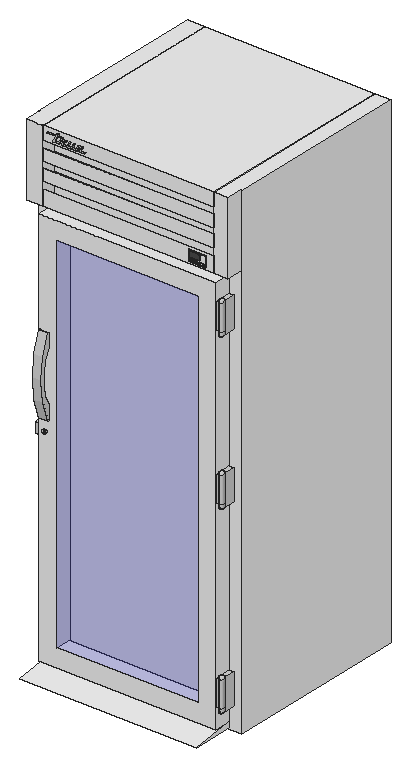
Revit family
Parameters
  Weight in Pounds = 0
  Watts = Volts * FL Amps  # 1023.5 W
  Volts = 115 V
  URL Cutsheet = "www.truemfg.com"
  URL = "www.truemfg.com"
  Type Mark [instance] = ""
  Type Comments = ""
  Status [instance] = ""
  Specification by User [instance] = ""
  Specification by Manufacturer = ""
  Show Logo [instance] = yes
  Show Clearance [instance] = yes
  Serial Number = ""
  Seismic Rating = ""
  SMACNA No = ""
  Revision Code [instance] = ""
  Phase = 1
  Omniclass Number and Title = ""
  Number of Poles [instance] = 1
  NAFEM Spec ID Number = ""
  Model = "STA1RRI-1G"
  Min Ckt Ampacity = 0 A
  Max Overcurrent Protection = 0 A
  Masterspec = ""
  Manufacturer = "TRUE FOOD SERVICE EQUIPMENT, INC."
  Length = 35"
  Item Number [instance] = ""
  Installed By [instance] = ""
  Identify Quantity as Lot [instance] = yes
  Height = 83 3/4"
  HP = "1/3"
  Furnished By [instance] = ""
  Foodservice Equipment Identifier [instance] = yes
  FL Amps = 8.9 A
  Electrical Remarks [instance] = ""
  Electric Connection Type [instance] = ""
  Elec Conn RI Height [instance] = 0"
  Elec Conn Connection Height [instance] = 0"
  Description = "Roll-in Glass Swing Door Refrigerator"
  Depth = 34 3/4"
  Cycle = 60 Hz
  Conn Plug = "5-15P"
  Conn Conduit = yes
  CSI MasterFormat = ""
  CSI Master Format = ""
  Apparent Power = if(Phase = 3, Volts * FL Amps * 1.73, Volts * FL Amps)  # 1023.5 VA
Reference planes (in)
  plane 1 "BACK": y = 0
  plane 2: z = 0
  plane 3 "LEFT": x = 0
  plane 4 "RIGHT": x = 35
  plane 5 "FRONT": y = -34.75
  plane 6 "TOP": z = 83.75
  plane 7: x = 2.84375
  plane 8: y = -34.7042
  plane 9: x = 32.15625
  plane 10: z = 69.90625
Forms (in)
  Extrusion 1, solid, material "QF_Finishes_Chrome - Satin"
    sketch origin (0.05, 0, 0) x (1, 0, 0) y (0, 1, 0)
      loop
        line (-0.05, 0) -> (-0.05, -32) -> (2.87859, -32) -> (2.87859, 0) -> (-0.05, 0)
    from 0 to 83.75
  Extrusion 2, solid, material "QF_Finishes_Chrome - Satin"
    sketch origin (50.15, 0, 0) x (1, 0, 0) y (0, 1, 0)
      loop
        line (-17.85, 0) -> (-17.85, -32) -> (-15.15, -32) -> (-15.15, 0) -> (-17.85, 0)
    from 0 to 83.75
  Extrusion 3, solid, material "QF_Finishes_Chrome - Satin"
    sketch origin (0, 0, 0) x (0, 1, 0) y (0, 0, 1)
      loop
        line (-34.7042, 71.28125) -> (-32, 71.28125) -> (-32, 0) -> (0, 0) -> (0, 83.75) -> (-34.7042, 83.75) -> (-34.7042, 81.46828) -> (-32.5, 79.90102) -> (-32.5, 78.77875) -> (-34.7042, 80.34601) -> (-34.7042, 78.2123) -> (-32.5, 76.64504) -> (-32.5, 75.68428) -> (-34.7042, 77.25154) -> (-34.7042, 75.15534) -> (-32.5, 73.58807) -> (-32.5, 72.3125) -> (-34.7042, 73.87976) -> (-34.7042, 71.28125)
    from 2.92859 to 32.3
  Extrusion 4, solid, material "QF_Finishes_Chrome - Satin"
    sketch origin (0, 0, 0) x (1, 0, 0) y (0, 1, 0)
      loop
        line (34.84782, -32) -> (32.3, -32) -> (32.3, -34.75) -> (34.84782, -34.75) -> (34.84782, -32)
    from 71.28125 to 83.75
  Extrusion 5, solid, material "QF_Finishes_Chrome - Satin"
    sketch origin (-50.125, 0, 0.25) x (1, 0, 0) y (0, 1, 0)
      loop
        line (53.05359, -32) -> (50.24109, -32) -> (50.24109, -34.75) -> (53.05359, -34.75) -> (53.05359, -32)
    from 71.03125 to 83.5
  Extrusion 6, solid, material "QF_Finishes_Handrails and Railings", visible <- "Show Logo"
    sketch origin (0.33478, 0.06376, 5.01857) x (1, 0, 0) y (0, 0, 1)
      loop
        line (3.46044, 78.08731) -> (3.35478, 77.86073) -> (4.76027, 77.86073)
        arc (4.76027, 77.86073) -> (4.78879, 77.81028) -> (4.76027, 77.75984) r 0.05887
        line (4.76027, 77.75984) -> (4.39369, 76.97372)
        arc (4.39369, 76.97372) -> (4.39051, 76.90091) -> (4.43975, 76.84717) r 0.09523
        line (4.43975, 76.84717) -> (5.33844, 76.84717)
        arc (5.33844, 76.84717) -> (5.45192, 76.88295) -> (5.52436, 76.97735) r 0.19785
        line (5.52436, 76.97735) -> (5.81285, 77.59601) -> (6.0779, 77.59601)
        arc (6.0779, 77.59601) -> (6.14744, 77.57043) -> (6.13737, 77.49703) r 0.05911
        line (6.13737, 77.49703) -> (5.89598, 76.97937)
        arc (5.89598, 76.97937) -> (5.89974, 76.8934) -> (5.97231, 76.84717) r 0.09318
        line (5.97231, 76.84717) -> (6.76198, 76.84717)
        arc (6.76198, 76.84717) -> (6.82249, 76.86919) -> (6.85468, 76.92495) r 0.09412
        arc (6.85468, 76.92495) -> (6.87746, 76.86995) -> (6.93246, 76.84717) r 0.07778
        line (6.93246, 76.84717) -> (7.43246, 76.84717)
        arc (7.43246, 76.84717) -> (7.49022, 76.86265) -> (7.53251, 76.90493) r 0.11552
        arc (7.53251, 76.90493) -> (7.55275, 76.85606) -> (7.60162, 76.83581) r 0.06912
        line (7.60162, 76.83581) -> (8.31225, 76.83581)
        arc (8.31225, 76.83581) -> (8.37034, 76.85988) -> (8.39441, 76.91797) r 0.08216
        arc (8.39441, 76.91797) -> (8.44767, 76.86472) -> (8.52042, 76.84522) r 0.14551
        line (8.52042, 76.84522) -> (9.85158, 76.84522) -> (9.99946, 77.10134) -> (8.65678, 77.10134)
        arc (8.65678, 77.10134) -> (8.61972, 77.12704) -> (8.61834, 77.17211) r 0.05009
        line (8.61834, 77.17211) -> (8.64157, 77.22192)
        arc (8.64157, 77.22192) -> (8.67723, 77.26864) -> (8.73327, 77.28635) r 0.09747
        line (8.73327, 77.28635) -> (9.16485, 77.28635)
        arc (9.16485, 77.28635) -> (9.258, 77.31131) -> (9.32619, 77.3795) r 0.1863
        line (9.32619, 77.3795) -> (9.45119, 77.59601)
        arc (9.45119, 77.59601) -> (9.45119, 77.71157) -> (9.35111, 77.76934) r 0.11556
        line (9.35111, 77.76934) -> (8.89562, 77.76934)
        arc (8.89562, 77.76934) -> (8.7795, 77.74962) -> (8.69849, 77.66412) r 0.18605
        line (8.69849, 77.66412) -> (8.48204, 77.19993)
        arc (8.48204, 77.19993) -> (8.41815, 77.11667) -> (8.31806, 77.08511) r 0.1745
        line (8.31806, 77.08511) -> (7.84559, 77.08511)
        arc (7.84559, 77.08511) -> (7.78903, 77.14684) -> (7.79268, 77.23048) r 0.10939
        line (7.79268, 77.23048) -> (8.04395, 77.76934) -> (7.88403, 77.76934) -> (7.61781, 77.19844)
        arc (7.61781, 77.19844) -> (7.56609, 77.13103) -> (7.48505, 77.10548) r 0.14128
        line (7.48505, 77.10548) -> (7.15925, 77.10548)
        arc (7.15925, 77.10548) -> (7.10419, 77.17723) -> (7.116, 77.26689) r 0.11816
        line (7.116, 77.26689) -> (7.3503, 77.76934) -> (7.18514, 77.76934) -> (6.91546, 77.191)
        arc (6.91546, 77.191) -> (6.85285, 77.12839) -> (6.76733, 77.10548) r 0.17104
        line (6.76733, 77.10548) -> (6.29555, 77.10548)
        arc (6.29555, 77.10548) -> (6.21082, 77.14499) -> (6.20267, 77.23813) r 0.0935
        line (6.20267, 77.23813) -> (6.35774, 77.57069) -> (6.57695, 77.57069)
        arc (6.57695, 77.57069) -> (6.61395, 77.68217) -> (6.69267, 77.76934) r 0.2857
        line (6.69267, 77.76934) -> (5.83605, 77.76934)
        arc (5.83605, 77.76934) -> (5.74086, 77.74824) -> (5.67498, 77.67635) r 0.16212
        line (5.67498, 77.67635) -> (5.44279, 77.17841)
        arc (5.44279, 77.17841) -> (5.3894, 77.12502) -> (5.31647, 77.10548) r 0.14586
        line (5.31647, 77.10548) -> (4.80506, 77.10548)
        arc (4.80506, 77.10548) -> (4.76514, 77.15942) -> (4.77274, 77.22609) r 0.09155
        line (4.77274, 77.22609) -> (5.11018, 77.86073) -> (5.96155, 77.86073) -> (6.06721, 78.08731) -> (5.21584, 78.08731) -> (5.32149, 78.31388) -> (5.01862, 78.31388) -> (4.91297, 78.08731) -> (3.46044, 78.08731)
      loop
        arc (8.83805, 77.56363) -> (8.80119, 77.55375) -> (8.7742, 77.52676) r 0.07373
        line (8.7742, 77.52676) -> (8.75229, 77.45936)
        arc (8.75229, 77.45936) -> (8.76245, 77.43483) -> (8.78699, 77.42466) r 0.0347
        line (8.78699, 77.42466) -> (9.15948, 77.42466)
        arc (9.15948, 77.42466) -> (9.18632, 77.43061) -> (9.20812, 77.44734) r 0.0635
        line (9.20812, 77.44734) -> (9.22624, 77.53122)
        arc (9.22624, 77.53122) -> (9.22091, 77.55368) -> (9.20009, 77.56363) r 0.02676
        line (9.20009, 77.56363) -> (8.83805, 77.56363)
    from 34.76797 to 34.83173
  Extrusion 7, solid, material "QF_Finishes_White"
    sketch origin (-22.74812, 0.0458, -7.91247) x (1, 0, 0) y (0, 0, 1)
      loop
        line (50.81732, 81.35727) -> (50.81732, 79.60996) -> (53.72357, 79.60996) -> (53.72357, 81.35727) -> (50.81732, 81.35727)
    from 34.75 to 34.76797
  Extrusion 8, solid, material "QF_Finishes_Black"
    sketch origin (-22.74812, 0.0458, -7.91247) x (1, 0, 0) y (0, 0, 1)
      loop
        line (53.78607, 81.41977) -> (50.75482, 81.41977) -> (50.75482, 79.54746) -> (53.78607, 79.54746) -> (53.78607, 81.41977)
      loop
        spline (50.95482, 79.87872) -> (50.96333, 79.86254) -> (50.98831, 79.84747) -> (51.02804, 79.83452) -> (51.07982, 79.82459) -> (51.14011, 79.81835) -> (51.20482, 79.81622) -> (51.26952, 79.81835) -> (51.32982, 79.82459) -> (51.38159, 79.83452) -> (51.42132, 79.84747) -> (51.4463, 79.86254) -> (51.45482, 79.87872)
        spline (51.45482, 79.87872) -> (51.4463, 79.89489) -> (51.42132, 79.90997) -> (51.38159, 79.92291) -> (51.32982, 79.93284) -> (51.26952, 79.93909) -> (51.20482, 79.94122) -> (51.14011, 79.93909) -> (51.07982, 79.93284) -> (51.02804, 79.92291) -> (50.98831, 79.90997) -> (50.96333, 79.89489) -> (50.95482, 79.87872)
      loop
        spline (51.65083, 79.87872) -> (51.65935, 79.86254) -> (51.68432, 79.84747) -> (51.72405, 79.83452) -> (51.77583, 79.82459) -> (51.83612, 79.81835) -> (51.90083, 79.81622) -> (51.96553, 79.81835) -> (52.02583, 79.82459) -> (52.07761, 79.83452) -> (52.11734, 79.84747) -> (52.14231, 79.86254) -> (52.15083, 79.87872)
        spline (52.15083, 79.87872) -> (52.14231, 79.89489) -> (52.11734, 79.90997) -> (52.07761, 79.92291) -> (52.02583, 79.93284) -> (51.96553, 79.93909) -> (51.90083, 79.94122) -> (51.83612, 79.93909) -> (51.77583, 79.93284) -> (51.72405, 79.92291) -> (51.68432, 79.90997) -> (51.65935, 79.89489) -> (51.65083, 79.87872)
      loop
        spline (52.40083, 79.87872) -> (52.40935, 79.86254) -> (52.43432, 79.84747) -> (52.47405, 79.83452) -> (52.52583, 79.82459) -> (52.58612, 79.81835) -> (52.65083, 79.81622) -> (52.71553, 79.81835) -> (52.77583, 79.82459) -> (52.82761, 79.83452) -> (52.86734, 79.84747) -> (52.89231, 79.86254) -> (52.90083, 79.87872)
        spline (52.90083, 79.87872) -> (52.89231, 79.89489) -> (52.86734, 79.90997) -> (52.82761, 79.92291) -> (52.77583, 79.93284) -> (52.71553, 79.93909) -> (52.65083, 79.94122) -> (52.58612, 79.93909) -> (52.52583, 79.93284) -> (52.47405, 79.92291) -> (52.43432, 79.90997) -> (52.40935, 79.89489) -> (52.40083, 79.87872)
      loop
        line (50.95481, 81.21978) -> (50.95481, 80.21978) -> (52.65433, 80.21978) -> (52.65433, 81.21978) -> (50.95481, 81.21978)
      loop
        line (53.72357, 81.35727) -> (50.81732, 81.35727) -> (50.81732, 79.60996) -> (53.72357, 79.60996) -> (53.72357, 81.35727)
      loop
        spline (53.15083, 79.87872) -> (53.15935, 79.86254) -> (53.18432, 79.84747) -> (53.22405, 79.83452) -> (53.27583, 79.82459) -> (53.33612, 79.81835) -> (53.40083, 79.81622) -> (53.46553, 79.81835) -> (53.52583, 79.82459) -> (53.57761, 79.83452) -> (53.61734, 79.84747) -> (53.64231, 79.86254) -> (53.65083, 79.87872)
        spline (53.65083, 79.87872) -> (53.64231, 79.89489) -> (53.61734, 79.90997) -> (53.57761, 79.92291) -> (53.52583, 79.93284) -> (53.46553, 79.93909) -> (53.40083, 79.94122) -> (53.33612, 79.93909) -> (53.27583, 79.93284) -> (53.22405, 79.92291) -> (53.18432, 79.90997) -> (53.15935, 79.89489) -> (53.15083, 79.87872)
    from 34.76797 to 34.80335
  Extrusion 9, solid
    sketch origin (-25.125, 0, 0) x (1, 0, 0) y (0, 0, 1)
      loop
        circle (56.875, 81.625) r 0.25
    from 0 to 0.0625
  Extrusion 10, solid, material "QF_Finishes_Handrails and Railings"
    sketch origin (33.78125, 0, 3) x (0, 1, 0) y (0, 0, -1)
      loop
        line (-32, -64.17729) -> (-32, -58.86127) -> (-34.25, -58.86127) -> (-34.25, -59.57348) -> (-33.81497, -59.57348) -> (-33.81497, -63.97276)
        arc (-33.81497, -63.97276) -> (-33.75506, -64.11738) -> (-33.61044, -64.17729) r 0.20453
        line (-33.61044, -64.17729) -> (-32, -64.17729)
    from 0.17506 to 1
  Revolve 11, solid, material "QF_Finishes_Handrails and Railings"
    sketch origin (33.28125, 0, 3) x (0, 1, 0) y (0, 0, -1)
      loop
        line (-34.26563, -59.62689) -> (-34.67229, -59.62689) -> (-34.67229, -64.0986)
        arc (-34.67229, -64.0986) -> (-34.53722, -64.35057) -> (-34.26563, -64.43983) r 0.3848
        line (-34.26563, -64.43983) -> (-34.26563, -59.62689)
      loop
        line (-34.26563, -59.57348) -> (-34.26563, -58.67281)
        arc (-34.26563, -58.67281) -> (-34.53264, -58.75883) -> (-34.67229, -59.00212) r 0.38884
        line (-34.67229, -59.00212) -> (-34.67229, -59.57348) -> (-34.26563, -59.57348)
      axis (-34.26563, -58.67281) -> (-34.26563, -64.43983)
    angle from 0 to 360
  Extrusion 12, solid, material "QF_Finishes_Handrails and Railings"
    sketch origin (27.5, -1.07734, 3.0011) x (-1, 0, 0) y (0, 0, -1)
      loop
        line (-5.58509, -64.0986) -> (-5.1875, -64.0986) -> (-5.1875, -59.62579) -> (-5.58509, -59.62579) -> (-5.58509, -64.0986)
    from 32.81497 to 33.59495
  Extrusion 13, solid, material "QF_Finishes_Handrails and Railings"
    sketch origin (33.78125, 0, -24) x (0, 1, 0) y (0, 0, -1)
      loop
        line (-32, -64.55229) -> (-32, -59.23627) -> (-34.25, -59.23627) -> (-34.25, -59.94848) -> (-33.81497, -59.94848) -> (-33.81497, -64.34776)
        arc (-33.81497, -64.34776) -> (-33.75506, -64.49238) -> (-33.61044, -64.55229) r 0.20453
        line (-33.61044, -64.55229) -> (-32, -64.55229)
    from 0.17506 to 1
  Revolve 14, solid, material "QF_Finishes_Handrails and Railings"
    sketch origin (33.28125, 0, -24) x (0, 1, 0) y (0, 0, -1)
      loop
        line (-34.26563, -60.00189) -> (-34.67229, -60.00189) -> (-34.67229, -64.4736)
        arc (-34.67229, -64.4736) -> (-34.53722, -64.72557) -> (-34.26563, -64.81483) r 0.3848
        line (-34.26563, -64.81483) -> (-34.26563, -60.00189)
      loop
        line (-34.26563, -59.94848) -> (-34.26563, -59.04781)
        arc (-34.26563, -59.04781) -> (-34.53264, -59.13383) -> (-34.67229, -59.37712) r 0.38884
        line (-34.67229, -59.37712) -> (-34.67229, -59.94848) -> (-34.26563, -59.94848)
      axis (-34.26563, -59.04781) -> (-34.26563, -64.81483)
    angle from 0 to 360
  Extrusion 15, solid, material "QF_Finishes_Handrails and Railings"
    sketch origin (27.5, -1.07734, -23.9989) x (-1, 0, 0) y (0, 0, -1)
      loop
        line (-5.58509, -64.4736) -> (-5.1875, -64.4736) -> (-5.1875, -60.00079) -> (-5.58509, -60.00079) -> (-5.58509, -64.4736)
    from 32.81497 to 33.59495
  Extrusion 16, solid, material "QF_Finishes_Handrails and Railings"
    sketch origin (33.78125, 0, -55.5) x (0, 1, 0) y (0, 0, -1)
      loop
        line (-32, -64.55229) -> (-32, -59.23627) -> (-34.25, -59.23627) -> (-34.25, -59.94848) -> (-33.81497, -59.94848) -> (-33.81497, -64.34776)
        arc (-33.81497, -64.34776) -> (-33.75506, -64.49238) -> (-33.61044, -64.55229) r 0.20453
        line (-33.61044, -64.55229) -> (-32, -64.55229)
    from 0.17506 to 1
  Revolve 17, solid, material "QF_Finishes_Handrails and Railings"
    sketch origin (33.28125, 0, -55.5) x (0, 1, 0) y (0, 0, -1)
      loop
        line (-34.26563, -60.00189) -> (-34.67229, -60.00189) -> (-34.67229, -64.4736)
        arc (-34.67229, -64.4736) -> (-34.53722, -64.72557) -> (-34.26563, -64.81483) r 0.3848
        line (-34.26563, -64.81483) -> (-34.26563, -60.00189)
      loop
        line (-34.26563, -59.94848) -> (-34.26563, -59.04781)
        arc (-34.26563, -59.04781) -> (-34.53264, -59.13383) -> (-34.67229, -59.37712) r 0.38884
        line (-34.67229, -59.37712) -> (-34.67229, -59.94848) -> (-34.26563, -59.94848)
      axis (-34.26563, -59.04781) -> (-34.26563, -64.81483)
    angle from 0 to 360
  Extrusion 18, solid, material "QF_Finishes_Handrails and Railings"
    sketch origin (27.5, -1.07734, -55.4989) x (-1, 0, 0) y (0, 0, -1)
      loop
        line (-5.58509, -64.4736) -> (-5.1875, -64.4736) -> (-5.1875, -60.00079) -> (-5.58509, -60.00079) -> (-5.58509, -64.4736)
    from 32.81497 to 33.59495
  Extrusion 19, solid, material "QF_Finishes_Door Clearance", visible <- "Show Clearance", detail levels coarse
    sketch origin (26.42841, -3.6098, 0) x (1, 0, 0) y (0, 1, 0)
      loop
        line (6.25909, -31.1402) -> (-24.14716, -31.1402)
        arc (-24.14716, -31.1402) -> (-15.24138, -52.64067) -> (6.25909, -61.54645) r 30.40625
        line (6.25909, -61.54645) -> (6.25909, -31.1402)
    from 1 to 69.90625
  Extrusion 20, solid, material "QF_Finishes_Chrome - Satin"
    sketch origin (32.6875, -1, 8.03125) x (0, 0, 1) y (0, -1, 0)
      loop
        line (-8.03125, 37.875) -> (-8.03125, 31) -> (-7.03125, 31) -> (-8.03125, 37.875)
    from 0 to -30.40625
  Extrusion 21, solid, material "QF_Finishes_Chrome - Satin"
    sketch origin (-24.96875, -1, -0.71875) x (1, 0, 0) y (0, 0, 1)
      loop
        line (27.25, 1.71875) -> (57.65625, 1.71875) -> (57.65625, 70.625) -> (27.25, 70.625) -> (27.25, 1.71875)
      loop
        line (30.25, 67.625) -> (30.25, 4.71875) -> (54.65625, 4.71875) -> (54.65625, 67.625) -> (30.25, 67.625)
    from 31 to 33.75
  Extrusion 22, solid, material "QF_Finishes_Handrails and Railings"
    sketch origin (-8.45676, -0.25, 92.42633) x (0, 1, 0) y (0, 0, 1)
      loop
        line (-34.5, -53.875) -> (-34.5, -51.475)
        arc (-34.5, -51.475) -> (-35.65816, -47.075) -> (-34.5, -42.675) r 8.93715
        line (-34.5, -42.675) -> (-34.5, -40.275) -> (-34.7, -40.275)
        arc (-34.7, -40.275) -> (-36.14405, -47.075) -> (-34.7, -53.875) r 16.7325
        line (-34.7, -53.875) -> (-34.5, -53.875)
    from 10.87731 to 12.37731
  Extrusion 23, solid, material "QF_Finishes_Handrails and Railings"
    sketch origin (-23.1875, -1.08467, -3.375) x (1, 0, 0) y (0, 0, 1)
      loop
        circle (26.4375, 40.0625) r 0.35
      loop
        line (26.47265, 40.33635) -> (26.41715, 40.33635) -> (26.41715, 39.76895) -> (26.47265, 39.76895) -> (26.47265, 40.33635)
    from 33.5 to 33.83066
  Blend 24, solid, material "QF_Finishes_Handrails and Railings"
    base sketch origin (27.53125, -1, -1.5) x (-1, 0, 0) y (0, 0, -1)
      loop
        line (25.25, -38.99169) -> (26, -38.99169) -> (26, -37.24169) -> (25.25, -37.24169) -> (25.25, -38.99169)
    top sketch origin (27.53125, 0, -1.5) x (-1, 0, 0) y (0, 0, -1)
      loop
        line (26.18223, -36.6441) -> (25.25, -36.6441) -> (25.25, -39.42643) -> (26.18223, -39.42643) -> (26.18223, -36.6441)
    from 33.57883 to 32
  Extrusion 25, solid, material "Glass"
    sketch origin (-24.96875, -1, -0.71875) x (1, 0, 0) y (0, 0, 1)
      loop
        line (30.25, 67.625) -> (30.25, 4.71875) -> (54.65625, 4.71875) -> (54.65625, 67.625) -> (30.25, 67.625)
    from 31 to 33.75
Cuts and joins
  joined: Extrusion 1, Extrusion 2, Extrusion 4, Extrusion 5
Lines and regions (in)
  symbolic lines
    curve 1: line (0, 0, 0) -> (35, 0, 0)
    curve 2: line (0, -34.75, 0) -> (0, 0, 0)
    curve 3: line (35, -34.75, 0) -> (0, -34.75, 0)
    curve 4: line (35, 0, 0) -> (35, -34.75, 0)
    curve 5: line (35, -32.5, 0) -> (0, -32.5, 0)
    curve 8: line (3.92055, -36.39405, 0) -> (3.92055, -34.75, 0)
    curve 9: line (3.92055, -36.39405, 0) -> (2.42055, -36.39405, 0)
    curve 10: line (2.42055, -34.75, 0) -> (2.42055, -36.39405, 0)
  symbolic lines, style "QF-Door Swings", visible <- "Show Clearance", detail levels coarse
    curve 6: line (32.6875, -34.75, 0) -> (32.6875, -65.15625, 0)
    curve 7: arc (32.6875, -65.15625, 0) -> (11.18703, -56.25047, 0) -> (2.28125, -34.75, 0) r 30.40625
Dimensions and locks (in)
  "Depth": plane 5 "FRONT" to plane 1 "BACK"
  plane 6 "TOP" to level = 83 3/4"  (x2)
  "Length": plane 3 "LEFT" to plane 4 "RIGHT"
  plane 4 "RIGHT" to plane 3 "LEFT" = 35"
  plane 10 to level = 69 29/32"
  Extrusion 21 sketch curve to Extrusion 21 sketch curve = 30 13/32"
  aligned and locked: level to plane 2
Automatic sketch dimensions
  Extrusion 1 sketch curve to plane 3 "LEFT" = 0"
  plane 1 "BACK" to Extrusion 1 sketch curve = 0"
  Extrusion 1 sketch curve to Extrusion 1 sketch curve = 2.92859"
  Extrusion 1 sketch curve to plane 5 "FRONT" = 2 3/4"
  plane 1 "BACK" to Extrusion 2 sketch curve = 0"
  Extrusion 2 sketch curve to plane 4 "RIGHT" = 0"
  Extrusion 2 sketch curve to plane 5 "FRONT" = 2 3/4"
  plane 5 "FRONT" to Extrusion 4 sketch curve = 0"
  Extrusion 4 sketch curve to plane 4 "RIGHT" = 0.15218"
  Extrusion 4 sketch curve to plane 5 "FRONT" = 2 3/4"
  plane 5 "FRONT" to Extrusion 5 sketch curve = 0"
  plane 3 "LEFT" to Extrusion 5 sketch curve = 0.11609"
  Extrusion 5 sketch curve to Extrusion 5 sketch curve = 2 13/16"
  Extrusion 5 sketch curve to plane 5 "FRONT" = 2 3/4"
  plane 3 "LEFT" to Extrusion 6 sketch curve = 3.68957"
  Extrusion 6 sketch curve to Extrusion 6 sketch curve = 0.10565"  (x5)
  Extrusion 6 sketch curve to Extrusion 6 sketch curve = 1.03891"
  Extrusion 6 sketch curve to Extrusion 6 sketch curve = 0.04606"
  Extrusion 6 sketch curve to Extrusion 6 sketch curve = 0.04025"
  Extrusion 6 sketch curve to Extrusion 6 sketch curve = 0.33624"
  Extrusion 6 sketch curve to Extrusion 6 sketch curve = 0.03034"  (x2)
  Extrusion 6 sketch curve to Extrusion 6 sketch curve = 0.29274"
  Extrusion 6 sketch curve to Extrusion 6 sketch curve = 0.03232"
  Extrusion 6 sketch curve to Extrusion 6 sketch curve = 0.08083"
  Extrusion 6 sketch curve to Extrusion 6 sketch curve = 0.1527"
  Extrusion 6 sketch curve to Extrusion 6 sketch curve = 0.19721"
  Extrusion 6 sketch curve to Extrusion 6 sketch curve = 0.4629"
  Extrusion 6 sketch curve to Extrusion 6 sketch curve = 0.02197"
  Extrusion 6 sketch curve to Extrusion 6 sketch curve = 0.12632"
  Extrusion 6 sketch curve to Extrusion 6 sketch curve = 0.18591"
  Extrusion 6 sketch curve to Extrusion 6 sketch curve = 0.2322"
  Extrusion 6 sketch curve to Extrusion 6 sketch curve = 0.13786"
  Extrusion 6 sketch curve to Extrusion 6 sketch curve = 0.00907"
  Extrusion 6 sketch curve to Extrusion 6 sketch curve = 0.01413"
  Extrusion 6 sketch curve to Extrusion 6 sketch curve = 0.37162"
  Extrusion 6 sketch curve to Extrusion 6 sketch curve = 0.12551"
  Extrusion 6 sketch curve to Extrusion 6 sketch curve = 0.07633"
  Extrusion 6 sketch curve to Extrusion 6 sketch curve = 0.08445"
  Extrusion 6 sketch curve to Extrusion 6 sketch curve = 0.25598"
  Extrusion 6 sketch curve to Extrusion 6 sketch curve = 0.01887"
  Extrusion 6 sketch curve to Extrusion 6 sketch curve = 0.04061"
  Extrusion 6 sketch curve to Extrusion 6 sketch curve = 0.0653"
  Extrusion 6 sketch curve to Extrusion 6 sketch curve = 0.08474"
  Extrusion 6 sketch curve to Extrusion 6 sketch curve = 0.00815"
  Extrusion 6 sketch curve to Extrusion 6 sketch curve = 0.22037"
  Extrusion 6 sketch curve to Extrusion 6 sketch curve = 0.21921"
  Extrusion 6 sketch curve to Extrusion 6 sketch curve = 0.11572"
  Extrusion 6 sketch curve to Extrusion 6 sketch curve = 0.46643"
  Extrusion 6 sketch curve to Extrusion 6 sketch curve = 0.00535"
  Extrusion 6 sketch curve to Extrusion 6 sketch curve = 0.09269"
  Extrusion 6 sketch curve to Extrusion 6 sketch curve = 0.09348"
  Extrusion 6 sketch curve to Extrusion 6 sketch curve = 0.14812"
  Extrusion 6 sketch curve to Extrusion 6 sketch curve = 0.07778"  (x3)
  Extrusion 6 sketch curve to Extrusion 6 sketch curve = 0.20054"
  Extrusion 6 sketch curve to Extrusion 6 sketch curve = 0.04325"
  Extrusion 6 sketch curve to Extrusion 6 sketch curve = 0.32433"
  Extrusion 6 sketch curve to Extrusion 6 sketch curve = 0.10233"  (x2)
  Extrusion 6 sketch curve to Extrusion 6 sketch curve = 0.16515"
  Extrusion 6 sketch curve to Extrusion 6 sketch curve = 0.27321"
  Extrusion 6 sketch curve to Extrusion 6 sketch curve = 0.0526"
  Extrusion 6 sketch curve to Extrusion 6 sketch curve = 0.10005"
  Extrusion 6 sketch curve to Extrusion 6 sketch curve = 0.06912"
  Extrusion 6 sketch curve to Extrusion 6 sketch curve = 0.13276"
  Extrusion 6 sketch curve to Extrusion 6 sketch curve = 0.17486"
  Extrusion 6 sketch curve to Extrusion 6 sketch curve = 0.05291"
  Extrusion 6 sketch curve to Extrusion 6 sketch curve = 0.53374"
  Extrusion 6 sketch curve to Extrusion 6 sketch curve = 0.09914"  (x2)
  Extrusion 6 sketch curve to Extrusion 6 sketch curve = 0.15992"
  Extrusion 6 sketch curve to Extrusion 6 sketch curve = 0.46666"
  Extrusion 6 sketch curve to Extrusion 6 sketch curve = 0.00582"
  Extrusion 6 sketch curve to Extrusion 6 sketch curve = 0.08216"
  Extrusion 6 sketch curve to Extrusion 6 sketch curve = 0.16397"
  Extrusion 6 sketch curve to Extrusion 6 sketch curve = 0.12601"
  Extrusion 6 sketch curve to Extrusion 6 sketch curve = 0.1363"
  Extrusion 6 sketch curve to Extrusion 6 sketch curve = 0.02323"
  Extrusion 6 sketch curve to Extrusion 6 sketch curve = 0.03844"
  Extrusion 6 sketch curve to Extrusion 6 sketch curve = 0.0454"
  Extrusion 6 sketch curve to Extrusion 6 sketch curve = 0.05693"
  Extrusion 6 sketch curve to Extrusion 6 sketch curve = 0.0917"
  Extrusion 6 sketch curve to Extrusion 6 sketch curve = 0.01902"
  Extrusion 6 sketch curve to Extrusion 6 sketch curve = 0.02191"
  Extrusion 6 sketch curve to Extrusion 6 sketch curve = 0.0347"
  Extrusion 6 sketch curve to Extrusion 6 sketch curve = 0.06385"
  Extrusion 6 sketch curve to Extrusion 6 sketch curve = 0.02906"
  Extrusion 6 sketch curve to Extrusion 6 sketch curve = 0.02851"
  Extrusion 6 sketch curve to Extrusion 6 sketch curve = 0.29237"
  Extrusion 6 sketch curve to Extrusion 6 sketch curve = 0.00537"
  Extrusion 6 sketch curve to Extrusion 6 sketch curve = 0.0406"
  Extrusion 6 sketch curve to Extrusion 6 sketch curve = 0.04327"
  Extrusion 6 sketch curve to Extrusion 6 sketch curve = 0.02615"
  Extrusion 6 sketch curve to Extrusion 6 sketch curve = 0.11806"
  Extrusion 6 sketch curve to Extrusion 6 sketch curve = 0.15103"
  Extrusion 6 sketch curve to Extrusion 6 sketch curve = 0.10007"
  Extrusion 6 sketch curve to Extrusion 6 sketch curve = 0.5254"
  Extrusion 6 sketch curve to Extrusion 6 sketch curve = 0.14787"
  Extrusion 6 sketch curve to plane 6 "TOP" = 1.89562"
  Extrusion 6 sketch curve to Extrusion 6 sketch curve = 0.07275"
  Extrusion 6 sketch curve to Extrusion 6 sketch curve = 0.05776"
  Extrusion 6 sketch curve to Extrusion 6 sketch curve = 0.08631"
  Extrusion 6 sketch curve to Extrusion 6 sketch curve = 0.09282"
  Extrusion 6 sketch curve to Extrusion 6 sketch curve = 0.13018"
  Extrusion 6 sketch curve to Extrusion 6 sketch curve = 0.16714"
  Extrusion 6 sketch curve to Extrusion 6 sketch curve = 0.11061"
  Extrusion 6 sketch curve to Extrusion 6 sketch curve = 0.06046"
  Extrusion 6 sketch curve to Extrusion 6 sketch curve = 0.16548"
  Extrusion 6 sketch curve to Extrusion 6 sketch curve = 0.14279"
  Extrusion 6 sketch curve to Extrusion 6 sketch curve = 0.0496"
  Extrusion 6 sketch curve to Extrusion 6 sketch curve = 0.07293"
  Extrusion 6 sketch curve to Extrusion 6 sketch curve = 0.07764"
  Extrusion 6 sketch curve to Extrusion 6 sketch curve = 0.03794"
  Extrusion 6 sketch curve to Extrusion 6 sketch curve = 0.08552"
  Extrusion 6 sketch curve to Extrusion 6 sketch curve = 0.09296"
  Extrusion 6 sketch curve to Extrusion 6 sketch curve = 0.09314"
  Extrusion 6 sketch curve to Extrusion 6 sketch curve = 0.02781"
  Extrusion 6 sketch curve to Extrusion 6 sketch curve = 0.04981"
  Extrusion 6 sketch curve to Extrusion 6 sketch curve = 0.09315"
  Extrusion 6 sketch curve to Extrusion 6 sketch curve = 0.04799"
  Extrusion 6 sketch curve to Extrusion 6 sketch curve = 0.02531"
  Extrusion 6 sketch curve to Extrusion 6 sketch curve = 0.03054"
  Extrusion 6 sketch curve to Extrusion 6 sketch curve = 0.2589"
  Extrusion 6 sketch curve to Extrusion 6 sketch curve = 0.0674"
  Extrusion 6 sketch curve to Extrusion 6 sketch curve = 0.0324"
  Extrusion 6 sketch curve to Extrusion 6 sketch curve = 0.26185"
  Extrusion 6 sketch curve to Extrusion 6 sketch curve = 11/256"
  Extrusion 6 sketch curve to Extrusion 6 sketch curve = 0.07366"
  Extrusion 6 sketch curve to Extrusion 6 sketch curve = 0.02187"
  Extrusion 6 sketch curve to Extrusion 6 sketch curve = 0.06479"
  Extrusion 6 sketch curve to Extrusion 6 sketch curve = 0.01183"
  Extrusion 6 sketch curve to Extrusion 6 sketch curve = 0.05778"
  Extrusion 6 sketch curve to Extrusion 6 sketch curve = 0.53375"
  Extrusion 6 sketch curve to Extrusion 6 sketch curve = 0.23098"
  Extrusion 6 sketch curve to Extrusion 6 sketch curve = 0"
  Extrusion 6 sketch curve to Extrusion 6 sketch curve = 0.05045"
  Extrusion 6 sketch curve to Extrusion 6 sketch curve = 0.09139"
  Extrusion 6 sketch curve to Extrusion 6 sketch curve = 29/128"  (x3)
  Extrusion 9 sketch curve to plane 6 "TOP" = 2 1/8"
  Extrusion 10 sketch curve to plane 5 "FRONT" = 1/2"
  Extrusion 10 sketch curve to Extrusion 10 sketch curve = 0.43503"
  Extrusion 10 sketch curve to Extrusion 10 sketch curve = 0.20453"
  Extrusion 10 sketch curve to Extrusion 10 sketch curve = 1.61044"
  Extrusion 10 sketch curve to plane 6 "TOP" = 16.57271"
  Extrusion 10 sketch curve to Extrusion 10 sketch curve = 4.39928"
  Extrusion 10 sketch curve to Extrusion 10 sketch curve = 0.71221"
  Revolve 11 sketch curve to plane 5 "FRONT" = 0.07771"  (x2)
  Revolve 11 sketch curve to Revolve 11 sketch curve = 0.38242"
  Revolve 11 sketch curve to Revolve 11 sketch curve = 0.38436"
  Revolve 11 sketch curve to plane 5 "FRONT" = 31/64"
  Revolve 11 sketch curve to Revolve 11 sketch curve = 0.40666"
  Revolve 11 sketch curve to Revolve 11 sketch curve = 0"
  Revolve 11 sketch curve to plane 6 "TOP" = 15.75492"
  Revolve 11 sketch curve to Revolve 11 sketch curve = 0.55526"
  Revolve 11 sketch curve to Revolve 11 sketch curve = 0.19474"
  Revolve 11 sketch curve to Revolve 11 sketch curve = 0.14649"
  Revolve 11 sketch curve to Revolve 11 sketch curve = 4.42889"
  Revolve 11 sketch curve to Revolve 11 sketch curve = 0.05342"
  Revolve 11 sketch curve to Revolve 11 sketch curve = 0.51246"
  Revolve 11 sketch curve to Revolve 11 sketch curve = 0.05889"
  Extrusion 12 sketch curve to Extrusion 12 sketch curve = 0.39759"
  Extrusion 12 sketch curve to plane 6 "TOP" = 16.6503"
  Extrusion 12 sketch curve to Extrusion 12 sketch curve = 4.47281"
  Extrusion 13 sketch curve to plane 5 "FRONT" = 1/2"
  Extrusion 13 sketch curve to Extrusion 13 sketch curve = 0.43503"
  Extrusion 13 sketch curve to Extrusion 13 sketch curve = 0.20453"
  Extrusion 13 sketch curve to Extrusion 13 sketch curve = 1.61044"
  Extrusion 13 sketch curve to Extrusion 13 sketch curve = 4.39928"
  Extrusion 13 sketch curve to Extrusion 13 sketch curve = 0.71221"
  Revolve 14 sketch curve to plane 5 "FRONT" = 0.07771"  (x2)
  Revolve 14 sketch curve to Revolve 14 sketch curve = 0.38242"
  Revolve 14 sketch curve to Revolve 14 sketch curve = 0.38436"
  Revolve 14 sketch curve to plane 5 "FRONT" = 31/64"
  Revolve 14 sketch curve to Revolve 14 sketch curve = 0.40666"
  Revolve 14 sketch curve to Revolve 14 sketch curve = 0"
  Revolve 14 sketch curve to Revolve 14 sketch curve = 0.55526"
  Revolve 14 sketch curve to Revolve 14 sketch curve = 0.19474"
  Revolve 14 sketch curve to Revolve 14 sketch curve = 0.14649"
  Revolve 14 sketch curve to Revolve 14 sketch curve = 4.42889"
  Revolve 14 sketch curve to Revolve 14 sketch curve = 0.05342"
  Revolve 14 sketch curve to Revolve 14 sketch curve = 0.51246"
  Revolve 14 sketch curve to Revolve 14 sketch curve = 0.05889"
  Extrusion 15 sketch curve to Extrusion 15 sketch curve = 0.39759"
  Extrusion 15 sketch curve to Extrusion 15 sketch curve = 4.47281"
  Extrusion 16 sketch curve to plane 5 "FRONT" = 1/2"
  Extrusion 16 sketch curve to Extrusion 16 sketch curve = 0.43503"
  Extrusion 16 sketch curve to Extrusion 16 sketch curve = 0.20453"
  Extrusion 16 sketch curve to Extrusion 16 sketch curve = 1.61044"
  Extrusion 16 sketch curve to Extrusion 16 sketch curve = 0.71221"
  Revolve 17 sketch curve to plane 5 "FRONT" = 0.07771"  (x2)
  Revolve 17 sketch curve to Revolve 17 sketch curve = 0.38242"
  Revolve 17 sketch curve to Revolve 17 sketch curve = 0.38436"
  Revolve 17 sketch curve to plane 5 "FRONT" = 31/64"
  Revolve 17 sketch curve to Revolve 17 sketch curve = 0.40666"
  Revolve 17 sketch curve to Revolve 17 sketch curve = 0"
  Revolve 17 sketch curve to Revolve 17 sketch curve = 0.55526"
  Revolve 17 sketch curve to Revolve 17 sketch curve = 0.19474"
  Revolve 17 sketch curve to Revolve 17 sketch curve = 0.14649"
  Revolve 17 sketch curve to Revolve 17 sketch curve = 0.05342"
  Revolve 17 sketch curve to Revolve 17 sketch curve = 0.51246"
  Revolve 17 sketch curve to Revolve 17 sketch curve = 0.05889"
  Extrusion 18 sketch curve to Extrusion 18 sketch curve = 0.39759"
  Extrusion 3 sketch curve to plane 8 = 0"  (x4)
  Extrusion 3 sketch curve to plane 6 "TOP" = 0"
  plane 8 to Extrusion 3 sketch curve = 2.2042"  (x2)
  Extrusion 3 sketch curve to Extrusion 3 sketch curve = 0"
  Extrusion 3 sketch curve to Extrusion 3 sketch curve = 1/2"
  plane 1 "BACK" to Extrusion 3 sketch curve = 0"
  Extrusion 3 sketch curve to plane 6 "TOP" = 2.28172"
  Extrusion 3 sketch curve to Extrusion 3 sketch curve = 1.12227"  (x2)
  Extrusion 3 sketch curve to Extrusion 3 sketch curve = 0.445"
  Extrusion 3 sketch curve to Extrusion 3 sketch curve = 2.13371"  (x2)
  Extrusion 3 sketch curve to Extrusion 3 sketch curve = 0.96076"  (x2)
  Extrusion 3 sketch curve to Extrusion 3 sketch curve = 2.0962"  (x2)
  Extrusion 3 sketch curve to Extrusion 3 sketch curve = 1.27557"  (x2)
  Extrusion 3 sketch curve to Extrusion 3 sketch curve = 1 1/32"
  Extrusion 2 sketch curve to plane 4 "RIGHT" = 2.7"
  Extrusion 4 sketch curve to Extrusion 4 sketch curve = 2.54782"
  Extrusion 9 sketch curve to plane 4 "RIGHT" = 3 1/4"
  Extrusion 12 sketch curve to plane 4 "RIGHT" = 1.91491"
  Extrusion 15 sketch curve to plane 4 "RIGHT" = 1.91491"
  Extrusion 18 sketch curve to plane 4 "RIGHT" = 1.91491"
  Extrusion 8 sketch curve to Extrusion 8 sketch curve = 1/4"  (x4)
  Extrusion 8 sketch curve to Extrusion 8 sketch curve = 0.4965"
  Extrusion 8 sketch curve to Extrusion 8 sketch curve = 0.0035"
  Extrusion 8 sketch curve to Extrusion 8 sketch curve = 1/2"
  Extrusion 8 sketch curve to Extrusion 8 sketch curve = 0.44601"
  Extrusion 8 sketch curve to Extrusion 8 sketch curve = 0"  (x3)
  Extrusion 8 sketch curve to Extrusion 8 sketch curve = 0.1375"  (x2)
  Extrusion 8 sketch curve to Extrusion 8 sketch curve = 1/16"  (x4)
  Extrusion 8 sketch curve to plane 6 "TOP" = 12.11501"
  Extrusion 8 sketch curve to Extrusion 8 sketch curve = 0.26876"  (x2)
  Extrusion 8 sketch curve to Extrusion 8 sketch curve = 0.34106"
  Extrusion 8 sketch curve to plane 6 "TOP" = 10.44269"
  Extrusion 7 sketch curve to plane 6 "TOP" = 10.30519"
  Extrusion 7 sketch curve to Extrusion 7 sketch curve = 1.74732"
  Extrusion 7 sketch curve to plane 4 "RIGHT" = 6.9308"
  Extrusion 7 sketch curve to Extrusion 7 sketch curve = 2 29/32"
  Extrusion 8 sketch curve to plane 4 "RIGHT" = 6.9933"
  Extrusion 8 sketch curve to Extrusion 8 sketch curve = 1.06923"
  level to Extrusion 3 sketch curve = 0"
  level to Extrusion 13 sketch curve = 40.55229"
  level to Revolve 14 sketch curve = 41.37008"
  level to Extrusion 15 sketch curve = 40.4747"
  level to Extrusion 16 sketch curve = 9.05229"
  Extrusion 16 sketch curve to Extrusion 16 sketch curve = 4.39928"
  level to Revolve 17 sketch curve = 9.87008"
  Revolve 17 sketch curve to Revolve 17 sketch curve = 4.42889"
  level to Extrusion 18 sketch curve = 8.9747"
  Extrusion 18 sketch curve to Extrusion 18 sketch curve = 4.47281"
  Extrusion 20 sketch curve to Extrusion 20 sketch curve = 1"
  Extrusion 19 sketch curve to plane 7 = 9/16"
  Extrusion 19 sketch curve to plane 9 = 17/32"
  plane 5 "FRONT" to Extrusion 19 sketch curve = 0"
  Extrusion 20 sketch curve to level = 0"
  Extrusion 20 sketch curve to plane 5 "FRONT" = 2 3/4"
  plane 5 "FRONT" to Extrusion 20 sketch curve = 4 1/8"
  Extrusion 21 sketch curve to plane 7 = 9/16"
  plane 7 to Extrusion 21 sketch curve = 2 7/16"
  plane 9 to Extrusion 21 sketch curve = 2 15/32"
  level to Extrusion 21 sketch curve = 1"
  level to Extrusion 21 sketch curve = 4"
  Extrusion 21 sketch curve to plane 10 = 3"
  Extrusion 21 sketch curve to plane 10 = 0"
  plane 5 "FRONT" to Extrusion 22 sketch curve = 0.2"  (x2)
  plane 5 "FRONT" to Extrusion 22 sketch curve = 0"  (x2)
  Extrusion 22 sketch curve to plane 5 "FRONT" = 7.77899"
  Extrusion 22 sketch curve to Extrusion 22 sketch curve = 7.30945"
  Extrusion 22 sketch curve to plane 10 = 31.35492"
  Extrusion 22 sketch curve to Extrusion 22 sketch curve = 2.4"
  Extrusion 22 sketch curve to Extrusion 22 sketch curve = 4.4"
  Extrusion 22 sketch curve to Extrusion 22 sketch curve = 0"
  plane 7 to Extrusion 23 sketch curve = 0.3859"
  Extrusion 23 sketch curve to Extrusion 23 sketch curve = 0.02035"
  Extrusion 23 sketch curve to Extrusion 23 sketch curve = 0.0555"
  Extrusion 23 sketch curve to plane 10 = 33.5123"
  Extrusion 23 sketch curve to Extrusion 23 sketch curve = 0.29355"
  Extrusion 23 sketch curve to Extrusion 23 sketch curve = 0.27385"
  Blend 24 sketch curve to plane 7 = 9/16"
  Blend 24 sketch curve to Blend 24 sketch curve = 3/4"
  Blend 24 sketch curve to plane 10 = 32.41456"
  Blend 24 sketch curve to Blend 24 sketch curve = 1 3/4"
  plane 7 to Blend 24 sketch curve = 9/16"
  Blend 24 sketch curve to Blend 24 sketch curve = 0.93223"
  plane 10 to Blend 24 sketch curve = 34.76215"
  Blend 24 sketch curve to Blend 24 sketch curve = 2.78233"
  plane 7 to Extrusion 25 sketch curve = 2 7/16"
  plane 9 to Extrusion 25 sketch curve = 2 15/32"
  level to Extrusion 25 sketch curve = 4"
  Extrusion 25 sketch curve to plane 10 = 3"
  plane 1 "BACK" to curve 1 = 0"
  curve 1 to plane 3 "LEFT" = 0"
  plane 5 "FRONT" to curve 10 = 0"
  curve 4 to plane 4 "RIGHT" = 0"
  curve 7 to plane 7 = 9/16"
  curve 10 to plane 7 = 0.4232"
  plane 7 to curve 9 = 1.0768"
  curve 7 to plane 9 = 17/32"
  curve 8 to curve 8 = 1.64405"
  curve 5 to plane 5 "FRONT" = 2 1/4"
  radius of Extrusion 9 sketch curve = 1/4"
  radius of Extrusion 23 sketch curve = 0.35"
Connectors (in)
  electrical at (31.75, -0.0625, 81.625), driven by "Volts", driven by "Watts"
    settings: on Extrusion 9, index 1, voltage 115 V, apparent load 1023.5 VA, apparent load phase1 0 VA, apparent load phase2 0 VA, apparent load phase3 0 VA, power factor 1, load classification "Other", number of poles 1, system type 30, power factor state 1, is connector primary yes, connector utility no, sub classification motor no, connector description "Electrical Connection"
